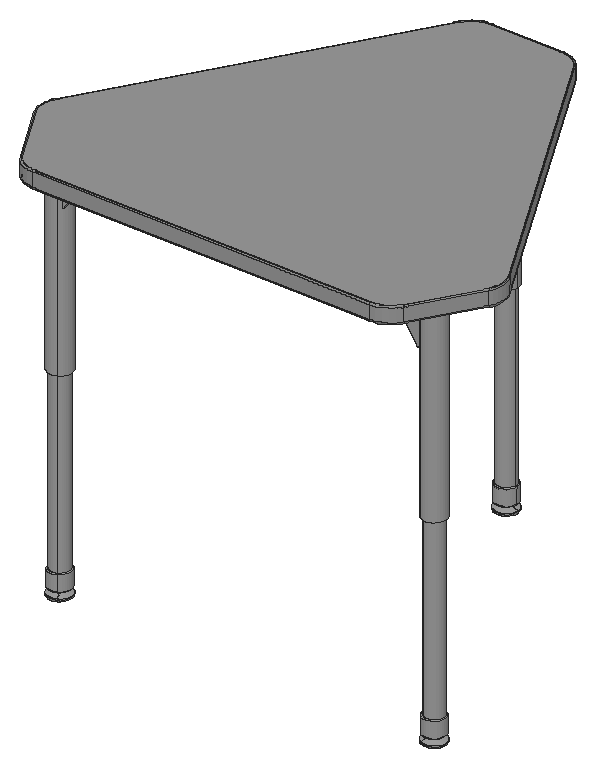
Revit family "Hierarchy Monroe Standard Desk", category Furniture, Revit 2018
Family settings
  Work Plane-Based = No
  Always vertical = Yes
  Cut with Voids When Loaded = No
  Shared = No
  Room Calculation Point = No
Parameters
  Table Height = 2' - 5"
  Surface = Hierarchy Monroe Standard Desk Surface
  Leg Finish = Hierarchy Leg Platinum
  Edgeband = Hierarchy Monroe Standard Desk Edgeband
  Caster/Glide = Hierarchy Leg - Glide : Hierarchy Leg - Glide
Reference planes (in)
  plane 1 "Center (Front/Back)": y = 0
  plane 2: z = 0
  plane 3 "Center (Left/Right)": x = 0
  plane 4: z = 29
Dimensions and locks (in)
  "Table Height": plane 4 to level
  aligned and locked: plane 2 to level
  aligned and locked: nested 3 to plane 4
Nested families (in)
  nested 1: "Hierarchy Leg - Glide" at (0, 9.79557, 0), Leg Finish <- "Leg Finish", Leg Height <- "Table Height", type "Hierarchy Leg - Glide"
  nested 2: "Hierarchy Leg - Glide" at (-13.74879, -14.01803, 0) x (0.5, -0.866, 0) z (0, 0, 1), type <- "Caster/Glide", Leg Finish <- "Leg Finish", Leg Height <- "Table Height", type "Hierarchy Leg - Glide"
  nested 3: "Hierarchy Monroe Standard Tabletop" at (0, 0, 5.075), type "Hierarchy Monroe Standard Tabletop"
  nested 4: "Hierarchy Leg - Glide" at (13.74879, -14.01803, 0) x (-0.5, -0.866, 0) z (0, 0, 1), type <- "Caster/Glide", Leg Finish <- "Leg Finish", Leg Height <- "Table Height", type "Hierarchy Leg - Glide"
Definition of nested family "Hierarchy Leg - Glide"
  Parameters (values of type "Hierarchy Leg - Glide")
    Leg Finish [instance] = none
    Leg Height [instance] = 2' - 5"
  Reference planes (in)
    plane 1 "Center (Front/Back)": y = 0
    plane 2: z = 0
    plane 3 "Center (Left/Right)": x = 0
  Forms (in)
    Extrusion 1, solid
      sketch origin (-0.01562, 0, 0) x (1, 0, 0) y (0, 1, 0)
        loop
          circle (0.01563, 0) r 0.67016
      from 0.67618 to 16.17618
    Revolve 2, solid
      sketch origin (0, 0, 0) x (1, 0, 0) y (0, 0, 1)
        loop
          line (-0.73189, 1.80118) -> (-0.79439, 1.73867) -> (-0.79439, 0.61381) -> (-0.73176, 0.55118) -> (-0.125, 0.55118) -> (-0.125, 0.42618) -> (-0.84656, 0.16241) -> (-0.84656, 0.08994) -> (-0.81359, 0) -> (0, 0) -> (0, 1.80118) -> (-0.73189, 1.80118)
        axis (0, 1.80118) -> (0, 0)
      angle from 0 to 360
  Dimensions and locks (in)
    "Leg Height": nested 1 to level
    aligned and locked: plane 2 to level
  Automatic sketch dimensions
    plane 1 "Center (Front/Back)" to Extrusion 1 sketch curve = 0' - 0"
    Extrusion 1 sketch curve to plane 3 "Center (Left/Right)" = 0' - 0"
    Revolve 2 sketch curve to level = 0' - 0"
    Revolve 2 sketch curve to plane 3 "Center (Left/Right)" = 0' - 0"  (x2)
    Revolve 2 sketch curve to plane 3 "Center (Left/Right)" = 0' - 0 1/8"
    Revolve 2 sketch curve to Revolve 2 sketch curve = 0' - 0.60676"
    Revolve 2 sketch curve to Revolve 2 sketch curve = 0' - 0.73189"
    Revolve 2 sketch curve to Revolve 2 sketch curve = 0' - 0.06263"  (x2)
    Revolve 2 sketch curve to Revolve 2 sketch curve = 0' - 0.08183"
    Revolve 2 sketch curve to Revolve 2 sketch curve = 0' - 0.03297"
    level to Revolve 2 sketch curve = 0' - 0.08994"
    Revolve 2 sketch curve to Revolve 2 sketch curve = 0' - 0.07247"
    level to Revolve 2 sketch curve = 0' - 0.42618"
    Revolve 2 sketch curve to Revolve 2 sketch curve = 0' - 0 1/8"
    Revolve 2 sketch curve to Revolve 2 sketch curve = 0' - 1.12486"
    Revolve 2 sketch curve to Revolve 2 sketch curve = 0' - 0 1/16"
    Revolve 2 sketch curve to level = 2' - 0"
    Revolve 2 sketch curve to Revolve 2 sketch curve = 8' - 4.91764"
    radius of Extrusion 1 sketch curve = 0' - 0.67016"
  Nested families (in)
    nested 1: "Hierarchy Upper Leg 2023" at (0, 0, 1.19783), Shapes Leg Finish <- "Leg Finish", type "Hierarchy Upper Leg 2023"
      with Shapes Leg Finish none
  Definition of nested family "Hierarchy Upper Leg 2023"
    Parameters (values of type "Hierarchy Upper Leg 2023")
      Shapes Leg Finish [instance] = none
    Reference planes (in)
      plane 1 "Center (Front/Back)": y = 0
      plane 2: z = 0
      plane 3 "Center (Left/Right)": x = 0
    Forms (in)
      Extrusion 1, solid, material <- "Shapes Leg Finish"
        sketch origin (0, 0, 0) x (1, 0, 0) y (0, 1, 0)
          loop
            circle (0, 0) r 0.84802
        from 13.67618 to 27.67618
      Extrusion 2, solid, material <- "Shapes Leg Finish"
        sketch origin (0, 0, 0) x (1, 0, 0) y (0, 1, 0)
          loop
            line (-1.70174, 0.19183) -> (-2.88626, -2.26116)
            arc (-2.88626, -2.26116) -> (-2.83993, -3.09822) -> (-2.1063, -3.50394) r 0.86614
            line (-2.1063, -3.50394) -> (2.1063, -3.50394)
            arc (2.1063, -3.50394) -> (2.83993, -3.09822) -> (2.88626, -2.26116) r 0.86614
            line (2.88626, -2.26116) -> (1.70174, 0.19183)
            arc (1.70174, 0.19183) -> (0, 1.25984) -> (-1.70174, 0.19183) r 1.88976
        from 27.67618 to 27.80217
      Extrusion 3, solid, material <- "Shapes Leg Finish"
        sketch origin (-1.48519, 8.66524, 0) x (-0.434844, 0.900506, 0) y (0, 0, 1)
          loop
            line (-9.01425, 27.67618) -> (-11.80952, 27.67618)
            arc (-11.80952, 27.67618) -> (-11.92325, 27.58993) -> (-11.87088, 27.45715) r 0.11811
            arc (-11.87088, 27.45715) -> (-10.39364, 26.29679) -> (-9.23328, 24.81955) r 7.87402
            arc (-9.23328, 24.81955) -> (-9.1005, 24.76717) -> (-9.01425, 24.88091) r 0.11811
            line (-9.01425, 24.88091) -> (-9.01425, 27.67618)
        from -1.94075 to -1.81476
      Extrusion 4, solid, material <- "Shapes Leg Finish"
        sketch origin (1.48519, 8.66524, 0) x (0.434844, 0.900506, 0) y (0, 0, -1)
          loop
            line (-9.01425, -27.67618) -> (-9.01425, -24.88091)
            arc (-9.01425, -24.88091) -> (-9.1005, -24.76717) -> (-9.23328, -24.81955) r 0.11811
            arc (-9.23328, -24.81955) -> (-10.39364, -26.29679) -> (-11.87088, -27.45715) r 7.87402
            arc (-11.87088, -27.45715) -> (-11.92325, -27.58993) -> (-11.80952, -27.67618) r 0.11811
            line (-11.80952, -27.67618) -> (-9.01425, -27.67618)
        from -1.94075 to -1.81476
    Dimensions and locks (in)
      aligned and locked: plane 2 to level
Definition of nested family "Hierarchy Monroe Standard Tabletop"
  Parameters (values of type "Hierarchy Monroe Standard Tabletop")
    Surface = none
    Edgeband = none
  Reference planes (in)
    plane 1 "Center (Front/Back)": y = 0
    plane 2: z = 0
    plane 3 "Center (Left/Right)": x = 0
  Forms (in)
    Extrusion 1, solid, material <- "Surface"
      sketch origin (0, 0, 0) x (1, 0, 0) y (0, 1, 0)
        loop
          line (-4.22783, 10.67081) -> (-16.61256, -10.78018)
          arc (-16.61256, -10.78018) -> (-16.86031, -11.70479) -> (-16.61256, -12.62939) r 1.8492
          line (-16.61256, -12.62939) -> (-13.98619, -17.17839)
          arc (-13.98619, -17.17839) -> (-13.30934, -17.85525) -> (-12.38474, -18.103) r 1.8492
          line (-12.38474, -18.103) -> (12.38474, -18.103)
          arc (12.38474, -18.103) -> (13.30934, -17.85525) -> (13.98619, -17.17839) r 1.8492
          line (13.98619, -17.17839) -> (16.61256, -12.62939)
          arc (16.61256, -12.62939) -> (16.86031, -11.70479) -> (16.61256, -10.78018) r 1.8492
          line (16.61256, -10.78018) -> (4.22783, 10.67081)
          arc (4.22783, 10.67081) -> (3.55097, 11.34766) -> (2.62637, 11.59541) r 1.8492
          line (2.62637, 11.59541) -> (-2.62637, 11.59541)
          arc (-2.62637, 11.59541) -> (-3.55097, 11.34766) -> (-4.22783, 10.67081) r 1.8492
      from 23.925 to 25.125
    Sweep 2, solid, material <- "Edgeband"
      path origin (0, 0, 0) x (1, 0, 0) y (0, 1, 0)
        loop
          line (2.62637, 11.59541) -> (-2.62637, 11.59541)
          arc (-2.62637, 11.59541) -> (-3.55097, 11.34766) -> (-4.22783, 10.67081) r 1.8492
          line (-4.22783, 10.67081) -> (-16.61256, -10.78018)
          arc (-16.61256, -10.78018) -> (-16.86031, -11.70479) -> (-16.61256, -12.62939) r 1.8492
          line (-16.61256, -12.62939) -> (-13.98619, -17.17839)
          arc (-13.98619, -17.17839) -> (-13.30934, -17.85525) -> (-12.38474, -18.103) r 1.8492
          line (-12.38474, -18.103) -> (12.38474, -18.103)
          arc (12.38474, -18.103) -> (13.30934, -17.85525) -> (13.98619, -17.17839) r 1.8492
          line (13.98619, -17.17839) -> (16.61256, -12.62939)
          arc (16.61256, -12.62939) -> (16.86031, -11.70479) -> (16.61256, -10.78018) r 1.8492
          line (16.61256, -10.78018) -> (4.22783, 10.67081)
          arc (4.22783, 10.67081) -> (3.55097, 11.34766) -> (2.62637, 11.59541) r 1.8492
      profile origin (0, 11.59541, 0) x (0, -1, 0) y (0, 0, 1)
        loop
          arc (0, 25.125) -> (-0.07071, 25.09571) -> (-0.1, 25.025) r 0.1
          line (-0.1, 25.025) -> (-0.1, 24.025)
          arc (-0.1, 24.025) -> (-0.07071, 23.95429) -> (0, 23.925) r 0.1
          line (0, 23.925) -> (0, 25.125)
  Dimensions and locks (in)
    aligned and locked: plane 2 to level
